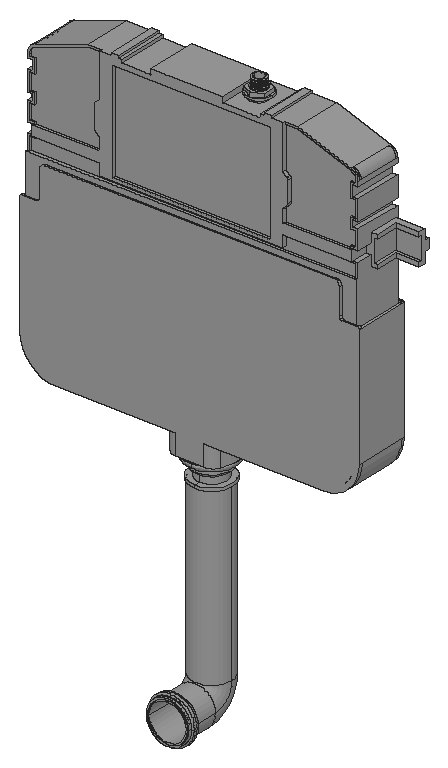
Revit family "LIXIL - CC-CISTERN N - COBRA CISTERN CONCEALED", category Plumbing Fixtures, Revit 2023
Family settings
  Round Connector Dimension = Use Diameter
  Part Type = Normal
  OmniClass Number = 23.45.00.00
  OmniClass Title = Sanitary, Laundry, and Cleaning Equipment
  Work Plane-Based = No
  Enable Cutting in Views = No
  Always vertical = Yes
  Cut with Voids When Loaded = No
  Maintain Annotation Orientation = No
  Shared = Yes
  Room Calculation Point = No
Parameters (values of type "CC-CISTERN N")
  Product Specification = "Supplier: Lixil.\r\nProduct description: DIY friendly concealed cistern, with compression resistant reinforced tank. Mechanical actuation mechanism. Easy access click fit components for simplified maintenance.\r\nProduct Code: CENSHJNN-2CO\r\nSKU Code: CC-CISTERN/N\r\nBarcode: 6002194051381\r\nBrand: Cobra\r\nRange: Cobra\r\nCategory: Flush Valves\r\nSub-Category: Toilets\r\nPackage Height: 130 mm\r\nPackage Width: 500 mm\r\nPackage Length: 760 mm\r\nPackage Volume: 49400000 mm³\r\nPackage Weight: 3.96 kg\r\n\r\nNotes:\r\n- Refer to manufacturer's and supplier's installation, maintenance and cleaning manual.\r\n- Refer to manufacturer's and supplier's guarantees and warrantees document."
  M _ RUBBER _ WHITE _ SOFT = M _ LIXIL - RUBBER - WHITE 01
  M _ CISTERN _ PIPE 01 = M _ LIXIL - PLASTIC - WHITE 02
  M _ CISTERN _ FIXING 01 = M _ LIXIL - PLASTIC - GREY 01
  M _ CISTERN _ BRASS = M _ LIXIL - BRASS 01
  M _ CISTERN _ BODY 02 = M _ LIXIL - PLASTIC - WHITE 01
  M _ CISTERN _ BODY = M _ LIXIL - PLASTIC - WHITE 02
  Hosted on lixil.co.za = "https://www.lixil.co.za/item/cobra-concealed-cistern-floor-mount-pans"
  HEIGHT = 285 mm
  Description = "Cobra Cistern Concealed to detail and spec. See sanware schedule. Available from Lixil."
  Default Elevation = 0 mm
Reference planes
  plane 1 "Center (Front/Back)": y = 0
  plane 2: z = 0
  plane 3 "Center (Left/Right)": x = 0
  plane 4: x = -75
  plane 5: z = 323
  plane 6: z = 285
  plane 7: z = 352.212
  plane 8: z = 813
  plane 9: z = 664.103
  plane 10: x = -240.5
  plane 11: x = 240.5
  plane 12 "Center L/Y": y = -80
  plane 13: y = -40
  plane 14: x = -283.9
  plane 15: x = 283.9
Dimensions and locks
  plane 5 to level = 323 mm
  locked: plane 6 to level at 285
  locked: plane 8 to level at 813
  aligned and locked: level to plane 2
  aligned and locked: level to nested 3
  aligned and locked: plane 5 to nested 1
  aligned and locked: nested 4 to plane 9
  aligned and locked: nested 4 to plane 10
  aligned and locked: plane 9 to nested 5
  aligned and locked: plane 11 to nested 5
  aligned and locked: nested 1 to plane 1 "Center (Front/Back)"
  aligned and locked: nested 3 to plane 13
  aligned and locked: nested 5 to plane 1 "Center (Front/Back)"
  aligned and locked: plane 1 "Center (Front/Back)" to nested 4
Nested families
  nested 1: "BODY" at (0, -40, 323), type "BODY", detail levels medium+fine
  nested 2: "PLACEHOLDER" at (0, 0, -29), type "01", detail levels coarse
    with W 567.8 mm, H 842 mm, D 120 mm
  nested 3: "PIPE 01" at (0, -40, 0), type "01", detail levels medium+fine
  nested 4: "Family1" at (-283.9, -51, 649.103), type "Family1", detail levels medium+fine
  nested 5: "Family1" at (283.9, -51, 649.103) x (-1, 0, 0) z (0, 0, 1), type "Family1", detail levels medium+fine
Connectors
  piping at (0, 0, 341.656), diameter 15
    settings: index 2, connector inside diameter 609.6 mm, connector length 0 mm, flow factor 0, pipe flow 0.0 L/s, pressure drop 0.0 Pa, fitting loss kfactor 0, connector angle 0.00°, fixture units 0, engagement length 0 mm, angle of deflection 0.00°, flow configuration 0, flow direction 0, fitting loss method 0, system type 20, joint type 0, gender type 0, connector reference index -1, connector utility 0, adjustable connector no, is connector primary yes, connector description ""
Definition of nested family "BODY"
  Parameters (values of type "BODY")
    M _ CISTERN _ BRASS = none
    M _ CISTERN _ BODY 02 = none
    M _ CISTERN _ BODY = none
    Default Elevation = 0 mm
  Reference planes
    plane 1 "Center (Front/Back)": y = 0
    plane 2: z = 0
    plane 3 "Center (Left/Right)": x = 0
    plane 4 "Center L/U": y = -40
    plane 5 "Center L/V": y = -37
    plane 6 "Center L/W": y = 40
    plane 7 "Center L/X": y = 37
    plane 8: x = -42.328
    plane 9: x = 240.5
    plane 10: x = -240.5
    plane 11: z = 490
    plane 12: z = 30
  Forms (mm)
    Extrusion 1, solid, material <- "M _ CISTERN _ BODY"
      sketch origin (0, 0, 0) x (1, 0, 0) y (0, 0, 1)
        loop
          line (-247.328, 258.26) -> (-247.328, 82.689)
          arc (-247.328, 82.689) -> (-231.896, 45.432) -> (-194.64, 30) r 52.689
          line (-194.64, 30) -> (194.64, 30)
          arc (194.64, 30) -> (231.896, 45.432) -> (247.328, 82.689) r 52.689
          line (247.328, 82.689) -> (247.328, 258.26)
          arc (247.328, 258.26) -> (246.496, 260.271) -> (244.485, 261.103) r 2.843
          line (244.485, 261.103) -> (223.217, 261.103)
          arc (223.217, 261.103) -> (219.681, 262.568) -> (218.217, 266.103) r 5
          line (218.217, 266.103) -> (218.217, 304.153)
          arc (218.217, 304.153) -> (216.018, 309.462) -> (210.709, 311.661) r 7.508
          line (210.709, 311.661) -> (-210.709, 311.661)
          arc (-210.709, 311.661) -> (-216.018, 309.462) -> (-218.217, 304.153) r 7.508
          line (-218.217, 304.153) -> (-218.217, 266.103)
          arc (-218.217, 266.103) -> (-219.681, 262.568) -> (-223.217, 261.103) r 5
          line (-223.217, 261.103) -> (-244.485, 261.103)
          arc (-244.485, 261.103) -> (-246.496, 260.271) -> (-247.328, 258.26) r 2.843
      from 37 to 40
    Extrusion 2, solid, material <- "M _ CISTERN _ BODY"
      sketch origin (0, 77, 0) x (1, 0, 0) y (0, 0, 1)
        loop
          line (-247.328, 258.26) -> (-247.328, 82.689)
          arc (-247.328, 82.689) -> (-231.896, 45.432) -> (-194.64, 30) r 52.689
          line (-194.64, 30) -> (194.64, 30)
          arc (194.64, 30) -> (231.896, 45.432) -> (247.328, 82.689) r 52.689
          line (247.328, 82.689) -> (247.328, 258.26)
          arc (247.328, 258.26) -> (246.496, 260.271) -> (244.485, 261.103) r 2.843
          line (244.485, 261.103) -> (223.217, 261.103)
          arc (223.217, 261.103) -> (219.681, 262.568) -> (218.217, 266.103) r 5
          line (218.217, 266.103) -> (218.217, 304.153)
          arc (218.217, 304.153) -> (216.018, 309.462) -> (210.709, 311.661) r 7.508
          line (210.709, 311.661) -> (-210.709, 311.661)
          arc (-210.709, 311.661) -> (-216.018, 309.462) -> (-218.217, 304.153) r 7.508
          line (-218.217, 304.153) -> (-218.217, 266.103)
          arc (-218.217, 266.103) -> (-219.681, 262.568) -> (-223.217, 261.103) r 5
          line (-223.217, 261.103) -> (-244.485, 261.103)
          arc (-244.485, 261.103) -> (-246.496, 260.271) -> (-247.328, 258.26) r 2.843
      from 37 to 40
    Extrusion 3, solid, material <- "M _ CISTERN _ BODY"
      sketch origin (0, 74, 0) x (1, 0, 0) y (0, 0, 1)
        loop
          line (-247.328, 258.26) -> (-247.328, 82.689)
          arc (-247.328, 82.689) -> (-231.896, 45.432) -> (-194.64, 30) r 52.689
          line (-194.64, 30) -> (194.64, 30)
          arc (194.64, 30) -> (231.896, 45.432) -> (247.328, 82.689) r 52.689
          line (247.328, 82.689) -> (247.328, 258.26) -> (244.328, 258.26) -> (244.328, 82.689)
          arc (244.328, 82.689) -> (229.775, 47.553) -> (194.64, 33) r 49.689
          line (194.64, 33) -> (-194.64, 33)
          arc (-194.64, 33) -> (-229.775, 47.553) -> (-244.328, 82.689) r 49.689
          line (-244.328, 82.689) -> (-244.328, 258.26) -> (-247.328, 258.26)
      from 34 to 114
    Extrusion 4, solid, material <- "M _ CISTERN _ BODY 02"
      sketch origin (0, -29, 0) x (1, 0, 0) y (0, 0, 1)
        loop
          arc (-240.5, 88) -> (-224.391, 49.109) -> (-185.5, 33) r 55
          line (-185.5, 33) -> (185.5, 33)
          arc (185.5, 33) -> (224.391, 49.109) -> (240.5, 88) r 55
          line (240.5, 88) -> (240.5, 341.103) -> (232.858, 341.103) -> (232.858, 356.103) -> (240.5, 356.103) -> (240.5, 384.391) -> (232.858, 384.391) -> (232.858, 394.391) -> (240.5, 394.391) -> (240.5, 424.391) -> (232.858, 424.391) -> (232.858, 439.391) -> (240.5, 439.391) -> (240.5, 446.128)
          arc (240.5, 446.128) -> (237.712, 454.839) -> (230.384, 460.311) r 15
          line (230.384, 460.311) -> (153.054, 486.938) -> (116.33, 486.938) -> (116.33, 490) -> (106.33, 490) -> (106.33, 486.938) -> (101.33, 486.938) -> (101.33, 482.364) -> (45.28, 482.364) -> (45.28, 490) -> (-58.573, 490) -> (-58.573, 482.364) -> (-101.33, 482.364) -> (-101.33, 486.938) -> (-106.33, 486.938) -> (-106.33, 490) -> (-116.33, 490) -> (-116.33, 486.938) -> (-153.054, 486.938) -> (-230.384, 460.311)
          arc (-230.384, 460.311) -> (-237.712, 454.839) -> (-240.5, 446.128) r 15
          line (-240.5, 446.128) -> (-240.5, 439.391) -> (-232.858, 439.391) -> (-232.858, 424.391) -> (-240.5, 424.391) -> (-240.5, 394.391) -> (-232.858, 394.391) -> (-232.858, 384.391) -> (-240.5, 384.391) -> (-240.5, 356.103) -> (-232.858, 356.103) -> (-232.858, 341.103) -> (-240.5, 341.103) -> (-240.5, 88)
      from 0 to 8
    Extrusion 5, solid, material <- "M _ CISTERN _ BODY 02"
      sketch origin (0, 37, 0) x (1, 0, 0) y (0, 0, 1)
        loop
          arc (-240.5, 88) -> (-224.391, 49.109) -> (-185.5, 33) r 55
          line (-185.5, 33) -> (185.5, 33)
          arc (185.5, 33) -> (224.391, 49.109) -> (240.5, 88) r 55
          line (240.5, 88) -> (240.5, 341.103) -> (232.858, 341.103) -> (232.858, 356.103) -> (240.5, 356.103) -> (240.5, 384.391) -> (232.858, 384.391) -> (232.858, 394.391) -> (240.5, 394.391) -> (240.5, 424.391) -> (232.858, 424.391) -> (232.858, 439.391) -> (240.5, 439.391) -> (240.5, 446.128)
          arc (240.5, 446.128) -> (237.712, 454.839) -> (230.384, 460.311) r 15
          line (230.384, 460.311) -> (153.054, 486.938) -> (116.33, 486.938) -> (116.33, 490) -> (106.33, 490) -> (106.33, 486.938) -> (101.33, 486.938) -> (101.33, 482.364) -> (45.28, 482.364) -> (45.28, 490) -> (-58.573, 490) -> (-58.573, 482.364) -> (-101.33, 482.364) -> (-101.33, 486.938) -> (-106.33, 486.938) -> (-106.33, 490) -> (-116.33, 490) -> (-116.33, 486.938) -> (-153.054, 486.938) -> (-230.384, 460.311)
          arc (-230.384, 460.311) -> (-237.712, 454.839) -> (-240.5, 446.128) r 15
          line (-240.5, 446.128) -> (-240.5, 439.391) -> (-232.858, 439.391) -> (-232.858, 424.391) -> (-240.5, 424.391) -> (-240.5, 394.391) -> (-232.858, 394.391) -> (-232.858, 384.391) -> (-240.5, 384.391) -> (-240.5, 356.103) -> (-232.858, 356.103) -> (-232.858, 341.103) -> (-240.5, 341.103) -> (-240.5, 88)
      from 0 to 3
    Extrusion 6, solid, material <- "M _ CISTERN _ BODY 02"
      sketch origin (0, 34, 0) x (1, 0, 0) y (0, 0, 1)
        loop
          arc (-240.5, 88) -> (-224.391, 49.109) -> (-185.5, 33) r 55
          line (-185.5, 33) -> (185.5, 33)
          arc (185.5, 33) -> (224.391, 49.109) -> (240.5, 88) r 55
          line (240.5, 88) -> (240.5, 341.103) -> (232.858, 341.103) -> (232.858, 356.103) -> (240.5, 356.103) -> (240.5, 384.391) -> (232.858, 384.391) -> (232.858, 394.391) -> (240.5, 394.391) -> (240.5, 424.391) -> (232.858, 424.391) -> (232.858, 439.391) -> (240.5, 439.391) -> (240.5, 446.128)
          arc (240.5, 446.128) -> (237.712, 454.839) -> (230.384, 460.311) r 15
          line (230.384, 460.311) -> (153.054, 486.938) -> (116.33, 486.938) -> (116.33, 490) -> (106.33, 490) -> (106.33, 486.938) -> (101.33, 486.938) -> (101.33, 482.364) -> (45.28, 482.364) -> (45.28, 490) -> (-58.573, 490) -> (-58.573, 482.364) -> (-101.33, 482.364) -> (-101.33, 486.938) -> (-106.33, 486.938) -> (-106.33, 490) -> (-116.33, 490) -> (-116.33, 486.938) -> (-153.054, 486.938) -> (-230.384, 460.311)
          arc (-230.384, 460.311) -> (-237.712, 454.839) -> (-240.5, 446.128) r 15
          line (-240.5, 446.128) -> (-240.5, 439.391) -> (-232.858, 439.391) -> (-232.858, 424.391) -> (-240.5, 424.391) -> (-240.5, 394.391) -> (-232.858, 394.391) -> (-232.858, 384.391) -> (-240.5, 384.391) -> (-240.5, 356.103) -> (-232.858, 356.103) -> (-232.858, 341.103) -> (-240.5, 341.103) -> (-240.5, 88)
        loop
          line (152.552, 483.938) -> (104.33, 483.938) -> (104.33, 479.364) -> (42.28, 479.364) -> (42.28, 487) -> (-55.573, 487) -> (-55.573, 479.364) -> (-104.33, 479.364) -> (-104.33, 483.938) -> (-152.552, 483.938) -> (-229.407, 457.475)
          arc (-229.407, 457.475) -> (-235.269, 453.097) -> (-237.5, 446.128) r 12
          line (-237.5, 446.128) -> (-237.5, 442.391) -> (-229.858, 442.391) -> (-229.858, 421.391) -> (-237.5, 421.391) -> (-237.5, 397.391) -> (-229.858, 397.391) -> (-229.858, 381.391) -> (-237.5, 381.391) -> (-237.5, 359.103) -> (-229.858, 359.103) -> (-229.858, 338.103) -> (-237.5, 338.103) -> (-237.5, 88)
          arc (-237.5, 88) -> (-222.27, 51.23) -> (-185.5, 36) r 52
          line (-185.5, 36) -> (185.5, 36)
          arc (185.5, 36) -> (222.27, 51.23) -> (237.5, 88) r 52
          line (237.5, 88) -> (237.5, 338.103) -> (229.858, 338.103) -> (229.858, 359.103) -> (237.5, 359.103) -> (237.5, 381.391) -> (229.858, 381.391) -> (229.858, 397.391) -> (237.5, 397.391) -> (237.5, 421.391) -> (229.858, 421.391) -> (229.858, 442.391) -> (237.5, 442.391) -> (237.5, 446.128)
          arc (237.5, 446.128) -> (235.269, 453.097) -> (229.407, 457.475) r 12
          line (229.407, 457.475) -> (152.552, 483.938)
      from 0 to 68
    Extrusion 7, void
      sketch origin (0, 5, 0) x (1, 0, 0) y (0, 0, 1)
        loop
          line (247.328, 319.508) -> (247.328, 526.33) -> (-244.328, 526.33) -> (-244.328, 319.508) -> (247.328, 319.508)
        loop
          line (-115, 475.508) -> (-115, 328.508) -> (115, 328.508) -> (115, 475.508) -> (-115, 475.508)
        loop
          line (-133.52, 506.856) -> (-133.52, 423.65) -> (-139.127, 418.043)
          arc (-139.127, 418.043) -> (-140.211, 416.421) -> (-140.592, 414.508) r 5
          line (-140.592, 414.508) -> (-140.592, 383.65)
          arc (-140.592, 383.65) -> (-140.211, 381.736) -> (-139.127, 380.114) r 5
          line (-139.127, 380.114) -> (-133.52, 374.508) -> (-133.52, 356.103) -> (-240.859, 356.103) -> (-240.859, 341.103) -> (-133.52, 341.103) -> (-133.52, 324.508) -> (133.52, 324.508) -> (133.52, 341.103) -> (240.859, 341.103) -> (240.859, 356.103) -> (133.52, 356.103) -> (133.52, 374.508) -> (139.127, 380.114)
          arc (139.127, 380.114) -> (140.211, 381.736) -> (140.592, 383.65) r 5
          line (140.592, 383.65) -> (140.592, 414.508)
          arc (140.592, 414.508) -> (140.211, 416.421) -> (139.127, 418.043) r 5
          line (139.127, 418.043) -> (133.52, 423.65) -> (133.52, 506.856) -> (-133.52, 506.856)
      from 37 to 45
    Extrusion 8, solid, material <- "M _ CISTERN _ BODY"
      sketch origin (0, 0, 0) x (1, 0, 0) y (0, 1, 0)
        loop
          arc (-33.513, 27.977) -> (-39.328, 0) -> (-33.513, -27.977) r 70.21
          arc (-33.513, -27.977) -> (-27.982, -34.543) -> (-19.756, -37) r 15
          line (-19.756, -37) -> (19.794, -37)
          arc (19.794, -37) -> (28.02, -34.543) -> (33.551, -27.977) r 15
          arc (33.551, -27.977) -> (39.366, 0) -> (33.551, 27.977) r 70.21
          arc (33.551, 27.977) -> (28.02, 34.543) -> (19.794, 37) r 15
          line (19.794, 37) -> (-19.756, 37)
          arc (-19.756, 37) -> (-27.982, 34.543) -> (-33.513, 27.977) r 15
        loop
          arc (-36.265, 29.173) -> (-42.328, 0) -> (-36.265, -29.173) r 73.21
          arc (-36.265, -29.173) -> (-29.627, -37.052) -> (-19.756, -40) r 18
          line (-19.756, -40) -> (19.794, -40)
          arc (19.794, -40) -> (29.665, -37.052) -> (36.303, -29.173) r 18
          arc (36.303, -29.173) -> (42.366, 0) -> (36.303, 29.173) r 73.21
          arc (36.303, 29.173) -> (29.665, 37.052) -> (19.794, 40) r 18
          line (19.794, 40) -> (-19.756, 40)
          arc (-19.756, 40) -> (-29.627, 37.052) -> (-36.265, 29.173) r 18
      from 0 to 30
    Revolve 9, solid, material <- "M _ CISTERN _ BODY"
      sketch origin (0, 0, -1.712) x (1, 0, 0) y (0, 0, 1)
        loop
          line (69.108, 484.076) -> (69.108, 491.712) -> (50.214, 491.712) -> (50.214, 489.076) -> (55.214, 489.076) -> (55.214, 484.076) -> (69.108, 484.076)
        axis (69.108, 484.076) -> (69.108, 491.712)
      angle from 0 to 360
    Extrusion 10, solid, material <- "M _ CISTERN _ BODY"
      sketch origin (0, 0, -1.712) x (1, 0, 0) y (0, 1, 0)
        loop
          line (84.108, 8.66) -> (69.108, 17.321) -> (54.108, 8.66) -> (54.108, -8.66) -> (69.108, -17.321) -> (84.108, -8.66) -> (84.108, 8.66)
        loop
          circle (69.108, 0) r 12.139
      from 491.712 to 497.212
    Revolve 11, solid, material <- "M _ CISTERN _ BRASS"
      sketch origin (0, 0, 11.424) x (1, 0, 0) y (0, 0, 1)
        loop
          line (61.386, 484.076) -> (61.386, 498.423) -> (60.492, 498.423) -> (59.184, 497.668) -> (60.492, 496.913) -> (59.184, 496.158) -> (60.492, 495.403) -> (59.184, 494.647) -> (60.492, 493.892) -> (59.184, 493.137) -> (60.492, 492.382) -> (59.184, 491.627) -> (60.492, 490.872) -> (59.184, 490.117) -> (60.492, 489.362) -> (59.184, 488.607) -> (60.492, 487.851) -> (59.184, 487.096) -> (60.492, 486.341) -> (59.184, 485.586) -> (60.492, 484.831) -> (59.184, 484.076) -> (61.386, 484.076)
        axis (69.108, 484.076) -> (69.108, 498.423)
      angle from 0 to 360
  Cuts and joins
    joined: Extrusion 1, Extrusion 2, Extrusion 3, Extrusion 8
    Extrusion 7 cuts Extrusion 4
    joined: Extrusion 4, Extrusion 5, Extrusion 6
  Dimensions and locks
    plane 11 to plane 12 = 460 mm
    aligned and locked: level to plane 2
    aligned and locked: plane 4 "Center L/U" to Extrusion 1
    aligned and locked: plane 6 "Center L/W" to Extrusion 2
    aligned and locked: cut or joined group of Extrusion 1, Extrusion 2, Extrusion 3, Extrusion 8 to plane 7 "Center L/X"
    aligned and locked: cut or joined group of Extrusion 1, Extrusion 2, Extrusion 3, Extrusion 8 to plane 5 "Center L/V"
    aligned and locked: plane 4 "Center L/U" to Extrusion 3
    aligned and locked: plane 6 "Center L/W" to Extrusion 3
Definition of nested family "PLACEHOLDER"
  Parameters (values of type "01")
    W [instance] = 260.392 mm
    H [instance] = 470.882 mm
    Default Elevation = 0 mm
    D [instance] = 240.391 mm
  Reference planes
    plane 1 "Center (Front/Back)": y = 0
    plane 2: z = 0
    plane 3 "Center (Left/Right)": x = 0
    plane 4: y = -240.391
    plane 5: x = -130.196
    plane 6: x = 130.196
    plane 7: z = 470.882
  Forms (mm)
    Extrusion 1, solid
      sketch origin (0, 0, 0) x (1, 0, 0) y (0, 1, 0)
        loop
          line (-130.196, 0) -> (-130.196, -240.391) -> (130.196, -240.391) -> (130.196, 0) -> (-130.196, 0)
      from 0 to 470.882
  Dimensions and locks
    "D": plane 4 to plane 1 "Center (Front/Back)"
    equal spacing: plane 5, plane 3 "Center (Left/Right)", plane 6
    "W": plane 5 to plane 6
    "H": plane 7 to level
    aligned and locked: level to plane 2
    aligned and locked: Extrusion 1 sketch curve to plane 5
    aligned and locked: Extrusion 1 sketch curve to plane 1 "Center (Front/Back)"
    aligned and locked: Extrusion 1 sketch curve to plane 6
    aligned and locked: Extrusion 1 to level
    aligned and locked: Extrusion 1 sketch curve to plane 4
    aligned and locked: Extrusion 1 to plane 7
Definition of nested family "PIPE 01"
  Parameters (values of type "01")
    RADIUS 01 = 30 mm
    M _ RUBBER _ WHITE _ SOFT = none
    M _ CISTERN _ PIPE 01 = none
    HEIGHT = 285 mm  # constant formula
    Default Elevation = 0 mm
    DEPTH = 80 mm
  Reference planes
    plane 1 "Center (Front/Back)": y = 0
    plane 2: z = 0
    plane 3 "Center (Left/Right)": x = 0
    plane 4: z = 285
    plane 5: y = -80
    plane 6: z = 323
  Forms (mm)
    Sweep 1, solid, material <- "M _ CISTERN _ PIPE 01"
      path origin (0, 0, 0) x (0, 1, 0) y (0, 0, 1)
        loop
          line (0, 285) -> (0, 30)
          arc (0, 30) -> (-8.787, 8.787) -> (-30, 0) r 30
          line (-30, 0) -> (-80, 0)
      profile origin (0, 0, 157.5) x (1, 0, 0) y (0, 1, 0)
        loop
          circle (0, 0) r 29
        loop
          circle (0, 0) r 27
    Revolve 2, solid, material <- "M _ RUBBER _ WHITE _ SOFT"
      sketch origin (0, 0, 0) x (0, 1, 0) y (0, 0, 1)
        loop
          line (19.775, 323) -> (19.775, 285) -> (29, 285) -> (29, 283.949) -> (30.928, 283.949) -> (30.928, 287.843) -> (21.7, 287.843) -> (21.7, 297.843) -> (28.566, 303.604) -> (28.566, 312.411) -> (34.654, 312.411)
          arc (34.654, 312.411) -> (37.154, 314.911) -> (34.654, 317.411) r 2.5
          line (34.654, 317.411) -> (31.393, 317.411) -> (31.393, 320.781) -> (40, 320.781) -> (40, 323) -> (19.775, 323)
        axis (0, 323) -> (0, 283.949)
      angle from 0 to 360
  Dimensions and locks
    "DEPTH": plane 1 "Center (Front/Back)" to plane 5
    "HEIGHT": plane 4 to level
    "RADIUS 01": radius of Sweep 1 sketch curve
    aligned and locked: level to plane 2
    aligned and locked: plane 1 "Center (Front/Back)" to Sweep 1 sketch curve
    aligned and locked: level to Sweep 1 sketch curve
    aligned and locked: plane 5 to nested 1
    aligned and locked: plane 3 "Center (Left/Right)" to nested 1
  Automatic sketch dimensions
    Sweep 1 sketch curve to plane 3 "Center (Left/Right)" = 0 mm
    profile plane to Sweep 1 sketch curve = 0 mm
    Sweep 1 sketch curve to Sweep 1 sketch curve = 0 mm  (x2)
    Revolve 2 sketch curve to plane 1 "Center (Front/Back)" = 0 mm
    Revolve 2 sketch curve to plane 6 = 0 mm
    Revolve 2 sketch curve to plane 4 = 0 mm
    Revolve 2 sketch curve to plane 1 "Center (Front/Back)" = 19.775 mm
    Revolve 2 sketch curve to Revolve 2 sketch curve = 1.925 mm
    Revolve 2 sketch curve to Revolve 2 sketch curve = 6.867 mm
    Revolve 2 sketch curve to Revolve 2 sketch curve = 7.3 mm
    Revolve 2 sketch curve to Revolve 2 sketch curve = 1.928 mm
    Revolve 2 sketch curve to plane 6 = 2.219 mm
    Revolve 2 sketch curve to Revolve 2 sketch curve = 2.827 mm
    Revolve 2 sketch curve to Revolve 2 sketch curve = 3.261 mm
    Revolve 2 sketch curve to Revolve 2 sketch curve = 5.346 mm
    Revolve 2 sketch curve to plane 4 = 1.051 mm
    plane 4 to Revolve 2 sketch curve = 2.843 mm
    Revolve 2 sketch curve to Revolve 2 sketch curve = 10 mm
    Revolve 2 sketch curve to Revolve 2 sketch curve = 5.762 mm
    Revolve 2 sketch curve to Revolve 2 sketch curve = 8.807 mm
    Revolve 2 sketch curve to Revolve 2 sketch curve = 2.5 mm
    Revolve 2 sketch curve to plane 4 = 137 mm
    plane 6 to Revolve 2 sketch curve = 90 mm
    Sweep 1 sketch curve to plane 5 = 0 mm
    Sweep 1 sketch curve to plane 4 = 0 mm
    radius of Sweep 1 sketch curve = 29 mm
    radius of Sweep 1 sketch curve = 27 mm
  Nested families
    nested 1: "RUBBER 02" at (0, -70.5, 0), type "01"
  Definition of nested family "RUBBER 02"
    Parameters (values of type "01")
      M _ RUBBER _ BLACK _ SOFT = none
      Default Elevation = 0 mm
    Reference planes
      plane 1 "Center (Front/Back)": y = 0
      plane 2: z = 0
      plane 3 "Center (Left/Right)": x = 0
      plane 4: y = 5.5
      plane 5: y = -5.5
      plane 6: z = 17.7
      plane 7: z = -17.7
      plane 8: z = 29
    Forms (mm)
      Revolve 1, solid, material <- "M _ RUBBER _ BLACK _ SOFT"
        sketch origin (0, 5.5, 0) x (0, -1, 0) y (1, 0, 0)
          loop
            line (0, -29) -> (0, -29.804)
            arc (0, -29.804) -> (1.229, -32.771) -> (4.196, -34) r 4.196
            line (4.196, -34) -> (9, -34)
            arc (9, -34) -> (10.414, -33.414) -> (11, -32) r 2
            line (11, -32) -> (11, -31) -> (15, -31) -> (15, -29) -> (11, -29) -> (0, -29)
          axis (0, 0) -> (15, 0)
        angle from 0 to 360
    Dimensions and locks
      aligned and locked: level to plane 2
Definition of nested family "Family1"
  Parameters (values of type "Family1")
    M _ CISTERN _ FIXING 01 = none
    Default Elevation = 0 mm
  Reference planes
    plane 1 "Center (Front/Back)": y = 0
    plane 2: z = 0
    plane 3 "Center (Left/Right)": x = 0
    plane 4: y = 51
    plane 5: x = 51
  Forms (mm)
    Sweep 1, solid, material <- "M _ CISTERN _ FIXING 01"
      path origin (-489.986, 216.391, 0) x (1, 0, 0) y (0, 1, 0)
        loop
          line (540.986, -216.391) -> (540.986, -165.391) -> (489.986, -165.391)
      profile origin (51, 25.5, 0) x (-1, 0, 0) y (0, 0, 1)
        loop
          line (7.6, 30) -> (0, 30) -> (0, 15) -> (7.6, 15) -> (7.6, 0) -> (17.6, 0) -> (17.6, 6) -> (12.6, 6) -> (12.6, 39) -> (17.6, 39) -> (17.6, 45) -> (7.6, 45) -> (7.6, 30)
  Dimensions and locks
    aligned and locked: level to plane 2
